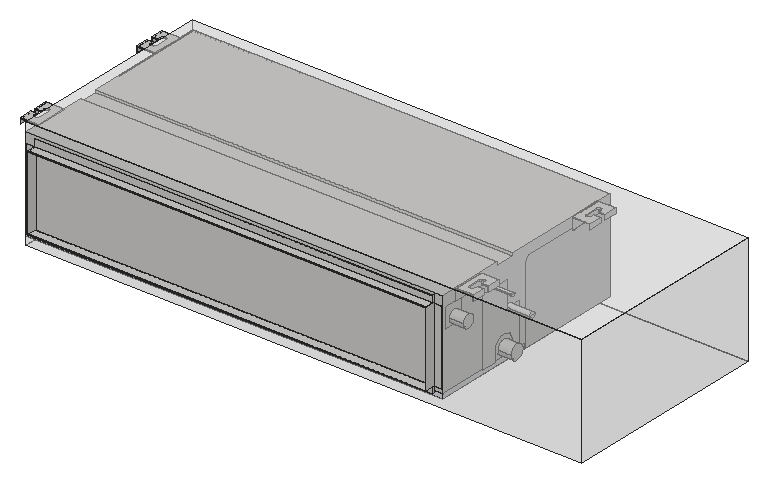
Revit family "outputfile", category 機械設備, Revit 2024
Family settings
  丸型コネクタ寸法 = 半径を使用
  パーツ タイプ = 標準
  OmniClass 番号 = 23.75.10.24.21.27.27
  OmniClass タイトル = Split System Air Conditioning Units
  作業面ベース = いいえ
  常に垂直 = はい
  ロード時にボイドで切り取り = いいえ
  注釈の向きを維持 = いいえ
  共有 = いいえ
  部屋計算ポイント = はい
Parameters (values of type "FXDQ50SPV1")
  Description = ""
  製造元 = "Daikin"
  書き出し IFC クラス(タイプ) = "IfcUnitaryEquipmentType"
  定義済み IFC タイプ(タイプ) = "AIRCONDITIONINGUNIT"
  Cost = 0
  モデル = "FXDQ50SPV1"
  Type Comments = ""
  Keynote = ""
  Type Image = (empty or 0)
  Assembly Code = ""
  w_pipe = 33.0 mm
  r_Liquid Pipe Size = Liquid Pipe Size / 2  # 3.2 mm
  r_Gas Pipe Size = Gas Pipe Size / 2  # 6.35 mm
  r_Drain Pipe Size = Drain Pipe Size / 2  # 10.0 mm
  lw_powersupply = 404.0 mm
  lw_ductflange2 = 830.0 mm
  lw_clearancespace = 1200.0 mm
  lw_Width = 860.0 mm
  lh_suctionflange [instance] = if(Rear Connection_Return Air, 100.0 mm, 190.0 mm)  # 100.0 mm
  lh_liquidpipe = 154.5 mm
  ld_suctionflange [instance] = if(Rear Connection_Return Air, 190.0 mm, 100.0 mm)  # 190.0 mm
  ld_powersupply = 60.0 mm
  angle_vertical_RA [instance] = if(Rear Connection_Return Air, 90.00°, 0.00°)  # 90.00°
  angle horizontal_RA [instance] = if(Rear Connection_Return Air, 180.00°, 270.00°)  # 180.00°
  Voltage_comment_50Hz = "220-240"
  Voltage_50Hz = 230 V
  URL = ""
  Supply Air Direction [instance] = yes
  Sound Power Level_H speed (dB) = 0
  Rear Connection_Return Air [instance] = not(Bottom Connection_Return Air)  # yes
  RA_length = 190.0 mm  # constant formula
  Phase_50Hz = 1
  Minimum External Static Pressure = 20.00 Pa
  Minimum Circuit Amps_50Hz = 1.1 A
  Maximum Fuse Amps_50Hz = 16.0 A
  Maximum External Static Pressure = 50.00 Pa
  Material_Casing = DAIKIN_GalvanizedSteel_Casing_indoorunit
  lw_liquidpipe = 39.2 mm  # constant formula
  lw_gaspipe = 50.6 mm  # constant formula
  lw_mountinghole_pitch = 940.0 mm
  lw_mountinghole = 20.0 mm  # constant formula
  lw_drainpipe = 33.0 mm  # constant formula
  lh_powersupply = 10.0 mm
  lh_gaspipe = 102.0 mm
  lh_mountinghole = Height + [h***]  # 200.0 mm
  lh_drainpipe = 150.0 mm
  lh_antena = 1.0 mm  # constant formula
  ld_liquidpipe = 193.0 mm  # constant formula
  ld_gaspipe = 130.0 mm  # constant formula
  ld_mountinghole_pitch = 0.0 mm  # constant formula
  ld_drainpipe = 280.0 mm
  ld_controlbox = 626.0 mm  # constant formula
  h*** = 0.0 mm  # constant formula
  d_dischargeflange = 21.2 mm  # constant formula
  Width = 900.0 mm
  Version = "ver.1.0"
  Unit Type = "Slim Duct (Standard) Type"
  Unit Mass Weight = 20.00 kg
  Unit Designation [instance] = ""
  Uniclass2015Version = "Products v1.30"
  Uniclass2015Title = "Variable refrigerant flow units"
  Uniclass2015Code = "Pr_70_65_03_94"
  Total Heating Capacity [instance] = 0.000 kW
  Total Cooling Capacity [instance] = 0.000 kW
  Sound Pressure Level_M speed (dBA) = 0
  Sound Pressure Level_L speed (dBA) = 31
  Sound Pressure Level_H speed (dBA) = 35
  Series = "VRV Fan Coil Unit"
  Sensible Cooling Capacity [instance] = 0.000 kW
  SA Duct Size Width = 860.0 mm
  SA Duct Size Height = 160.0 mm
  Refrigerant Type = "R410A"
  RA Duct Size Width = 796.0 mm
  RA Duct Size Height = 172.0 mm
  Power Input (Heating) = 0.152 kW
  Power Input (Cooling) = 0.180 kW
  Option Accessory 3 [instance] = ""
  Option Accessory 2 [instance] = ""
  Option Accessory 1 [instance] = ""
  Nominal Heating Capacity = 6.300 kW
  Nominal Cooling Capacity = 5.600 kW
  Minimum Airflow = 630.00 m³/h
  Median Airflow = 780.00 m³/h
  Maximum Airflow = 900.00 m³/h
  Load Classification = HVAC
  Liquid Pipe Size = 6.4 mm
  Link_Nested Family [instance] = ""
  IfcVersion = "0"
  IfcExportType = "AIRCONDITIONINGUNIT"
  IfcExportAs = "IfcUnitaryEquipmentType"
  Height = 200.0 mm
  Heating Entering Wet Bulb Temperature [instance] = 0.00 °C
  Heating Entering Dry Bulb Temperature [instance] = 0.00 °C
  Heating Ambient Wet Bulb Temperature [instance] = 0.00 °C
  Heating Ambient Dry Bulb Temperature [instance] = 0.00 °C
  Heat Exchanger Type = "Cross Fin Coil"
  Gas Pipe Size = 12.7 mm
  Frequency_50Hz = 50 Hz
  Fan Type = "Sirocco Fan"
  Fan Drive = "Direct Drive"
  FCU Tag No. [instance] = ""
  Drain Pipe Size = 20.0 mm
  Design Supply Airflow [instance] = 0.00 m³/h
  Design Return Airflow [instance] = 0.00 m³/h
  Design External Static Pressure [instance] = 0.00 Pa
  Depth = 450.0 mm
  既定の高さ = 0.0 mm
  Cooling Entering Wet Bulb Temperature [instance] = 0.00 °C
  Cooling Entering Dry Bulb Temperature [instance] = 0.00 °C
  Cooling Ambient Wet Bulb Temperature [instance] = 0.00 °C
  Cooling Ambient Dry Bulb Temperature [instance] = 0.00 °C
  Clearance visibility [instance] = yes
  Clearance Top = 20.0 mm
  Clearance Right = 300.0 mm
  Clearance Rear = 0.0 mm
  Clearance Left = 0.0 mm
  Clearance Front = 0.0 mm
  Clearance Bottom = 20.0 mm
  Bottom Connection_Return Air [instance] = no
Reference planes
  plane 1 "Center (Front/Back)": y = 0
  plane 2: z = 0
  plane 3 "Center (Left/Right)": x = 0
  plane 4 "Back": y = 225
  plane 5 "Front": y = -225
  plane 6 "Left": x = -450
  plane 7 "Right": x = 450
  plane 8 "Top": z = 0
  plane 9 "Bottom": z = -200
  plane 10: x = 330
  plane 11: x = -330
  plane 12: z = -190
  plane 13: z = -6
  plane 14: z = -22
  plane 15: z = -45.5
  plane 16: z = -98
  plane 17: x = -304
  plane 18: x = 304
  plane 19: x = -470
  plane 20: x = 470
  plane 21: y = 165
  plane 22: y = 165
  plane 23: x = -490
  plane 24: x = 390
  plane 25: x = 489.2
  plane 26: x = 500.6
  plane 27: x = 483
  plane 28: z = 0
  plane 29: z = -50
  plane 30 "Clearance Left": x = -450
  plane 31 "Clearance Right": x = 750
  plane 32 "Clearance Rear": y = 225
  plane 33 "Clearance Front": y = -225
  plane 34 "Clearance Top": z = 20
  plane 35 "Clearance Bottom": z = -220
  plane 36: z = -21
  plane 37: z = -170
  plane 38: z = -96.5
  plane 39: y = -46.5
  plane 40: y = -84
  plane 41: y = -197
  plane 42: y = 20
  plane 43: z = -97.5
  plane 44: y = -224
  plane 45: x = -449
  plane 46: z = -100
  plane 47: z = -30
  plane 48: y = 210
  plane 49: z = 301
  plane 50: z = -199
  plane 51: y = 35
  plane 52: z = -101
  plane 53: x = 480
  plane 54: x = 445
  plane 55: x = 455
  plane 56: x = 451
  plane 57: x = 379
  plane 58: x = 449.004
  plane 59: x = -449
  plane 60: x = 404
  plane 61: y = -157.5
  plane 62: y = 157.5
  plane 63: z = -98
  plane 64: z = -45.5
  plane 65: y = -62
  plane 66: y = 224
  plane 67: x = -35
  plane 68: x = 500.6
  plane 69: x = 489.2
Forms (mm)
  Extrusion 1, solid
    sketch origin (0, 0, 0) x (1, 0, 0) y (0, 0, 1)
      loop
        line (-450, -190) -> (-450, -200) -> (450, -200) -> (450, -190) -> (-450, -190)
    from 4.986 to 225
  Extrusion 2, solid, material "DAIKIN_GalvanizedSteel_Casing_indoorunit" <- "Material_Casing"
    sketch origin (0, 0, 0) x (1, 0, 0) y (0, 1, 0)
      loop
        line (-450, -225) -> (450, -225) -> (450, 225) -> (-450, 225) -> (-450, -225)
    from -200 to 0
  Extrusion 3, void
    sketch origin (0, 0, 1) x (1, 0, 0) y (0, 1, 0)
      loop
        line (-450, -36) -> (-450, -78) -> (450, -78) -> (450, -36) -> (-450, -36)
    from -1 to -7
  Revolve 4, solid, material "DAIKIN_GalvanizedSteel_Casing_indoorunit" <- "Material_Casing"
    sketch origin (0, 0, -98) x (0, -1, 0) y (1, 0, 0)
      loop
        line (40.15, 451) -> (46.5, 451) -> (46.5, 500.6) -> (40.15, 500.6) -> (40.15, 451)
      axis (46.5, 451) -> (46.5, 500.6)
    angle from 0 to 360
  Revolve 5, solid, material "DAIKIN_GalvanizedSteel_Casing_indoorunit" <- "Material_Casing"
    sketch origin (0.442, 0, -45.5) x (0, -1, 0) y (1, 0, 0)
      loop
        line (84, 451) -> (84, 488.758) -> (80.8, 488.758) -> (80.8, 451) -> (84, 451)
      axis (84, 488.758) -> (84, 451)
    angle from 0 to 360
  Extrusion 6, solid, material "DAIKIN_GalvanizedSteel_Casing_indoorunit" <- "Material_Casing"
    sketch origin (0, 0, -700) x (0, 1, 0) y (0, 0, 1)
      loop
        circle (-62, 530) r 15
    from 480 to 445
  Extrusion 7, solid, material "DAIKIN_GalvanizedSteel_Casing_indoorunit" <- "Material_Casing"
    sketch origin (0, 0, 0) x (0, 1, 0) y (0, 0, 1)
      loop
        line (-217.5, -66.5) -> (-176.5, -66.5) -> (-176.5, -25.5) -> (-217.5, -25.5) -> (-217.5, -66.5)
    from 450 to 451
  Extrusion 8, solid, material "DAIKIN_GalvanizedSteel_Casing_indoorunit" <- "Material_Casing"
    sketch origin (0, 0, 0) x (0, 1, 0) y (0, 0, 1)
      loop
        circle (-197, -50) r 13
    from 450 to 483
  Extrusion 9, solid, material "DAIKIN_GalvanizedSteel_Casing_indoorunit" <- "Material_Casing"
    sketch origin (0, 0, 0) x (1, 0, 0) y (0, 0, 1)
      loop
        line (-450, -190) -> (-450, -200) -> (450, -200) -> (450, -190) -> (-450, -190)
    from 4.986 to 225
  Extrusion 10, solid, material "DAIKIN_GalvanizedSteel_Casing_indoorunit" <- "Material_Casing", visible <- "Bottom Connection_Return Air"
    sketch origin (0, 0, 0) x (1, 0, 0) y (0, 0, 1)
      loop
        line (379, -200) -> (379, -1) -> (-449, -1) -> (-449, -200) -> (379, -200)
    from -225 to -224
  Extrusion 11, solid, material "DAIKIN_GalvanizedSteel_Casing_indoorunit" <- "Material_Casing", visible <- "Rear Connection_Return Air"
    sketch origin (0, 0, 0) x (1, 0, 0) y (0, 1, 0)
      loop
        line (-449, 225) -> (-449, 26) -> (379, 26) -> (379, 225) -> (-449, 225)
    from -200 to -199
  Extrusion 12, solid, material "DAIKIN_GalvanizedSteel_Casing_indoorunit" <- "Material_Casing"
    sketch origin (0, 0, 0) x (0, 1, 0) y (0, 0, 1)
      loop
        line (-1, -199) -> (225, -199) -> (225, -22) -> (193.393, -22) -> (192.179, -26.532) -> (123.882, -26.532) -> (121.769, -22) -> (6.769, -22) -> (-1, -29.769) -> (-1, -199)
    from 451 to 450
  Extrusion 13, solid, material "DAIKIN_GalvanizedSteel_Casing_indoorunit" <- "Material_Casing"
    sketch origin (0, 0, 0) x (0, 1, 0) y (0, 0, 1)
      loop
        line (-117, -45.5) -> (-117, -190) -> (-22, -190) -> (-22, -98) -> (-40.15, -98)
        arc (-40.15, -98) -> (-46.5, -104.35) -> (-52.85, -98) r 6.35
        line (-52.85, -98) -> (-52.85, -45.5) -> (-80.8, -45.5)
        arc (-80.8, -45.5) -> (-84, -48.7) -> (-87.2, -45.5) r 3.2
        line (-87.2, -45.5) -> (-117, -45.5)
    from 451 to 450
  Extrusion 14, void
    sketch origin (0, 0, 0) x (0, 1, 0) y (0, 0, 1)
      loop
        line (-87, -190) -> (-37, -190) -> (-37, -170)
        arc (-37, -170) -> (-62, -145) -> (-87, -170) r 25
        line (-87, -170) -> (-87, -190)
    from 450 to 451
  Extrusion 15, void
    sketch origin (0, 0, 0) x (1, 0, 0) y (0, 0, 1)
      loop
        line (-449, -1) -> (-449, -209.43) -> (379, -209.43) -> (379, -1) -> (-449, -1)
    from -225 to -26
Cuts and joins
  Extrusion 3, Extrusion 14, Extrusion 15 cuts Extrusion 2
  Extrusion 14, Extrusion 15 cuts Extrusion 9
  Extrusion 14 cuts Extrusion 13
Dimensions and locks
  "lh_powersupply": plane 12 to plane 9 "Bottom"
  locked: plane 8 "Top" to plane 13 at 6
  "Height": plane 8 "Top" to plane 9 "Bottom"
  equal spacing: plane 17, plane 3 "Center (Left/Right)", plane 18, locked at 304 each
  locked: plane 17 to plane 18 at 608
  equal spacing: plane 19, plane 3 "Center (Left/Right)", plane 20
  "lw_mountinghole_pitch": plane 19 to plane 20
  locked: plane 14 to plane 9 "Bottom" at 178
  "lw_mountinghole": plane 23 to plane 19
  locked: plane 15 to plane 9 "Bottom" at 154.5
  "lh_gaspipe": plane 16 to plane 9 "Bottom"
  "lh_mountinghole": plane 28 to plane 9 "Bottom"
  "ld_mountinghole_pitch": plane 22 to plane 21
  equal spacing: plane 6 "Left", plane 3 "Center (Left/Right)", plane 7 "Right"
  "Width": plane 6 "Left" to plane 7 "Right"
  "lh_drainpipe": plane 29 to plane 9 "Bottom"
  "Clearance Right": plane 7 "Right" to plane 31 "Clearance Right"
  "Clearance Left": plane 30 "Clearance Left" to plane 6 "Left"
  "lw_gaspipe": plane 7 "Right" to plane 26
  "lw_liquidpipe": plane 7 "Right" to plane 25
  "lw_drainpipe": plane 7 "Right" to plane 27
  "Clearance Rear": plane 32 "Clearance Rear" to plane 4 "Back"
  "Clearance Front": plane 5 "Front" to plane 33 "Clearance Front"
  "Clearance Top": plane 34 "Clearance Top" to plane 8 "Top"
  "Clearance Bottom": plane 9 "Bottom" to plane 35 "Clearance Bottom"
  "ld_powersupply": plane 4 "Back" to plane 22
  locked: plane 8 "Top" to plane 36 at 21
  locked: plane 8 "Top" to plane 37 at 170
  locked: plane 40 to plane 39 at 37.5
  locked: plane 38 to plane 9 "Bottom" at 103.5
  locked: plane 36 to plane 43 at 76.5
  "Depth": plane 4 "Back" to plane 5 "Front"
  equal spacing: plane 4 "Back", plane 1 "Center (Front/Back)", plane 5 "Front"
  locked: plane 44 to plane 5 "Front" at 1
  locked: plane 45 to plane 6 "Left" at 1
  Extrusion 10 sketch curve to Extrusion 10 sketch curve = 199.0 mm
  locked: plane 12 to plane 46 at 90
  plane 32 "Clearance Rear" to Extrusion 10 = 1.0 mm
  locked: plane 47 to plane 35 "Clearance Bottom" at 190
  plane 48 to nested 12 = 1.0 mm
  plane 49 to plane 28 = 301.0 mm
  locked: plane 50 to plane 9 "Bottom" at 1
  "ld_suctionflange": plane 4 "Back" to plane 51
  locked: plane 52 to plane 9 "Bottom" at 99
  locked: plane 7 "Right" to plane 53 at 30
  locked: plane 54 to plane 7 "Right" at 5
  locked: plane 7 "Right" to plane 55 at 5
  locked: plane 7 "Right" to plane 56 at 1
  locked: plane 7 "Right" to plane 57 at 71
  locked: plane 7 "Right" to plane 58 at 0.996
  locked: plane 59 to plane 6 "Left" at 1
  "lw_powersupply": plane 3 "Center (Left/Right)" to plane 60
  "r_Gas Pipe Size": nested 6 to Revolve 4 sketch curve
  "r_Liquid Pipe Size": nested 5 to Revolve 5 sketch curve
  locked: plane 61 to plane 33 "Clearance Front" at 67.5
  locked: plane 62 to plane 61 at 315
  locked: plane 33 "Clearance Front" to plane 41 at 28
  plane 33 "Clearance Front" to plane 40 = 141.0 mm
  locked: Extrusion 7 sketch curve to Extrusion 7 sketch curve at 41  (x2)
  locked: plane 8 "Top" to plane 64 at 45.5
  plane 64 to plane 63 = 52.5 mm
  locked: plane 33 "Clearance Front" to plane 65 at 163
  plane 33 "Clearance Front" to cut or joined group of Extrusion 2, Extrusion 3, Extrusion 14, Extrusion 15 = 147.0 mm
  nested 12 to plane 67 = 398.0 mm
  "ld_suctionflange": plane 4 "Back" to nested 14
  locked: plane 7 "Right" to plane 68 at 50.6
  locked: plane 7 "Right" to plane 69 at 39.2
  nested 14 to plane 9 "Bottom" = 100.0 mm
  aligned and locked: level to plane 2
  aligned and locked: Extrusion 2 to plane 9 "Bottom"
  aligned and locked: plane 8 "Top" to Extrusion 2
  aligned and locked: Revolve 4 sketch curve to Revolve 4 sketch curve
  aligned and locked: Extrusion 8 to plane 27
  aligned and locked: plane 20 to nested 2
  aligned and locked: plane 19 to nested 3
  aligned and locked: plane 19 to nested 4
  aligned and locked: nested 7 to plane 29
  aligned and locked: Extrusion 8 to nested 7
  aligned and locked: nested 7 to plane 27
  aligned and locked: nested 10 to plane 12
  aligned and locked: Extrusion 9 to plane 5 "Front"
  aligned and locked: Extrusion 9 to plane 9 "Bottom"
  aligned and locked: nested 6 to plane 16
  aligned and locked: nested 8 to plane 44
  aligned and locked: plane 39 to nested 6
  aligned and locked: plane 41 to nested 7
  aligned and locked: Extrusion 11 to nested 12
  aligned and locked: plane 8 "Top" to Extrusion 3
  aligned and locked: plane 9 "Bottom" to Extrusion 11  (x2)
  aligned and locked: Extrusion 11 to plane 50
  aligned and locked: plane 4 "Back" to nested 11
  aligned and locked: plane 32 "Clearance Rear" to nested 13  (x2)
  aligned and locked: nested 13 to plane 33 "Clearance Front"
  aligned and locked: nested 13 to plane 34 "Clearance Top"  (x2)
  aligned and locked: nested 13 to plane 35 "Clearance Bottom"  (x2)
  aligned and locked: plane 4 "Back" to Extrusion 12
  aligned and locked: Extrusion 12 to plane 50
  aligned and locked: plane 7 "Right" to Extrusion 12  (x2)
  aligned and locked: Extrusion 3 to plane 13
  aligned and locked: plane 52 to nested 8
  aligned and locked: plane 7 "Right" to cut or joined group of Extrusion 2, Extrusion 3, Extrusion 14, Extrusion 15
  aligned and locked: Extrusion 6 to plane 54
  aligned and locked: Extrusion 6 to plane 53
  aligned and locked: Extrusion 12 to plane 56
  aligned and locked: Extrusion 7 to plane 56
  aligned and locked: Extrusion 7 to plane 7 "Right"
  aligned and locked: Extrusion 8 to plane 7 "Right"
  aligned and locked: plane 3 "Center (Left/Right)" to nested 15
  aligned and locked: plane 13 to nested 15
  aligned and locked: nested 10 to plane 60
  aligned and locked: plane 20 to nested 1
  aligned and locked: plane 33 "Clearance Front" to nested 15
  aligned and locked: plane 4 "Back" to nested 10
  aligned and locked: Extrusion 2 to plane 5 "Front"
  aligned and locked: plane 3 "Center (Left/Right)" to nested 9
  aligned and locked: nested 9 to plane 1 "Center (Front/Back)"
  aligned and locked: plane 61 to nested 16
  aligned and locked: plane 62 to nested 17
  aligned and locked: nested 19 to plane 61
  aligned and locked: nested 19 to plane 6 "Left"
  aligned and locked: nested 18 to plane 62
  aligned and locked: nested 18 to plane 6 "Left"
  aligned and locked: plane 8 "Top" to nested 19
  aligned and locked: plane 8 "Top" to nested 18
  aligned and locked: plane 8 "Top" to nested 16
  aligned and locked: plane 8 "Top" to nested 17
  aligned and locked: plane 64 to Revolve 5
  aligned and locked: plane 63 to Revolve 4
  aligned and locked: plane 7 "Right" to Extrusion 13
  aligned and locked: plane 56 to Extrusion 13
  aligned and locked: plane 64 to Extrusion 13  (x2)
  aligned and locked: plane 63 to Extrusion 13
  aligned and locked: Extrusion 13 to plane 12
  aligned and locked: plane 56 to cut or joined group of Extrusion 2, Extrusion 3, Extrusion 14, Extrusion 15
  aligned and locked: cut or joined group of Extrusion 2, Extrusion 3, Extrusion 14, Extrusion 15 to plane 7 "Right"
  aligned and locked: Extrusion 6 sketch curve to plane 65
  aligned and locked: plane 37 to Extrusion 6
  aligned and locked: nested 12 to plane 59
  aligned and locked: plane 4 "Back" to Extrusion 15
  aligned and locked: nested 11 to plane 59
  aligned and locked: Extrusion 11 to plane 57
  aligned and locked: Extrusion 10 to plane 59
  aligned and locked: Extrusion 10 to plane 57
  aligned and locked: plane 67 to nested 14
  aligned and locked: nested 11 to plane 50
  aligned and locked: plane 40 to nested 5
  aligned and locked: nested 5 to plane 64
  aligned and locked: plane 31 "Clearance Right" to nested 13
  aligned and locked: plane 7 "Right" to nested 16
  aligned and locked: plane 7 "Right" to nested 17
  aligned and locked: nested 1 to plane 62
  aligned and locked: nested 2 to plane 61
  aligned and locked: nested 3 to plane 61
  aligned and locked: nested 4 to plane 62
  aligned and locked: Revolve 4 to plane 68
  aligned and locked: plane 68 to nested 6
  aligned and locked: Revolve 5 to plane 69
  aligned and locked: plane 69 to nested 5
  aligned and locked: level to plane 8 "Top"
  aligned and locked: plane 16 to plane 63
Automatic sketch dimensions
  Extrusion 1 sketch curve to plane 6 "Left" = 0.0 mm
  Extrusion 1 sketch curve to plane 7 "Right" = 0.0 mm
  Extrusion 1 sketch curve to plane 9 "Bottom" = 0.0 mm
  Extrusion 1 sketch curve to plane 12 = 0.0 mm
  Extrusion 2 sketch curve to plane 4 "Back" = 0.0 mm
  Extrusion 2 sketch curve to plane 6 "Left" = 0.0 mm
  Extrusion 2 sketch curve to plane 7 "Right" = 0.0 mm
  Extrusion 2 sketch curve to plane 44 = 1.0 mm
  Extrusion 3 sketch curve to plane 6 "Left" = 0.0 mm
  Extrusion 3 sketch curve to plane 7 "Right" = 0.0 mm
  plane 1 "Center (Front/Back)" to Extrusion 3 sketch curve = 78.0 mm
  Extrusion 3 sketch curve to plane 42 = 56.0 mm
  Extrusion 6 sketch curve to plane 37 = 0.0 mm
  Extrusion 8 sketch curve to plane 41 = 0.0 mm
  Extrusion 9 sketch curve to plane 6 "Left" = 0.0 mm
  Extrusion 9 sketch curve to plane 7 "Right" = 0.0 mm
  Extrusion 9 sketch curve to plane 9 "Bottom" = 0.0 mm
  Extrusion 9 sketch curve to plane 12 = 0.0 mm
  Extrusion 11 sketch curve to plane 45 = 0.0 mm
  Extrusion 11 sketch curve to plane 4 "Back" = 0.0 mm
  plane 18 to Extrusion 11 sketch curve = 75.0 mm
  plane 42 to Extrusion 11 sketch curve = 6.0 mm
  Revolve 4 sketch curve to plane 26 = 0.0 mm
  Revolve 4 sketch curve to plane 39 = 0.0 mm
  Revolve 4 sketch curve to Revolve 4 sketch curve = 1.003 mm
  plane 26 to Revolve 4 sketch curve = 1.003 mm
  plane 15 to Extrusion 7 sketch curve = 20.0 mm
  plane 44 to Extrusion 7 sketch curve = 6.5 mm
  Extrusion 8 sketch curve to plane 29 = 0.0 mm
  Revolve 4 sketch curve to plane 56 = 0.0 mm
  Extrusion 13 sketch curve to plane 64 = 0.0 mm
  Extrusion 13 sketch curve to plane 12 = 0.0 mm
  Extrusion 13 sketch curve to plane 40 = 0.0 mm
  Extrusion 13 sketch curve to plane 63 = 0.0 mm
  Extrusion 13 sketch curve to plane 39 = 0.0 mm
  Extrusion 13 sketch curve to Extrusion 13 sketch curve = 3.2 mm
  Extrusion 13 sketch curve to Extrusion 13 sketch curve = 29.8 mm
  Extrusion 13 sketch curve to plane 39 = 6.35 mm
  Extrusion 13 sketch curve to Extrusion 13 sketch curve = 18.15 mm
  Extrusion 14 sketch curve to plane 12 = 0.0 mm
  Extrusion 14 sketch curve to plane 37 = 0.0 mm
  Extrusion 14 sketch curve to plane 65 = 0.0 mm
  Extrusion 14 sketch curve to plane 40 = 3.0 mm
  plane 45 to Extrusion 10 sketch curve = 0.0 mm
  Extrusion 10 sketch curve to plane 50 = 1.0 mm
  plane 45 to Extrusion 15 sketch curve = 0.0 mm
  plane 57 to Extrusion 15 sketch curve = 0.0 mm
  Extrusion 15 sketch curve to plane 9 "Bottom" = 9.43 mm
  Extrusion 15 sketch curve to plane 8 "Top" = 1.0 mm
  plane 57 to Extrusion 10 sketch curve = 0.0 mm
  Extrusion 12 sketch curve to plane 50 = 0.0 mm
  Extrusion 12 sketch curve to plane 14 = 0.0 mm  (x2)
  Extrusion 12 sketch curve to plane 4 "Back" = 0.0 mm
  plane 47 to Extrusion 12 sketch curve = 3.468 mm
  Extrusion 12 sketch curve to plane 48 = 17.821 mm
  Extrusion 12 sketch curve to plane 62 = 33.618 mm
  Extrusion 12 sketch curve to Extrusion 12 sketch curve = 2.113 mm
  Extrusion 12 sketch curve to plane 1 "Center (Front/Back)" = 6.769 mm
  plane 1 "Center (Front/Back)" to Extrusion 12 sketch curve = 1.0 mm
  plane 47 to Extrusion 12 sketch curve = 0.231 mm
  Extrusion 12 sketch curve to Extrusion 12 sketch curve = 1.214 mm
  Revolve 5 sketch curve to plane 40 = 0.0 mm  (x2)
  plane 25 to Revolve 5 sketch curve = 0.442 mm
  plane 56 to Revolve 5 sketch curve = 0.442 mm  (x2)
  Revolve 5 sketch curve to plane 25 = 0.0 mm
  radius of Extrusion 6 sketch curve = 15.0 mm
  radius of Extrusion 8 sketch curve = 13.0 mm
Nested families
  nested 1: "daikin_mountinghole" at (470, 157.5, -200), l_antenna <- "lh_antena", Link_Nested Family <- "Link_Nested Family", h_mountinghole <- "lh_mountinghole", type "daikin_mountinghole"
    with show yes, l_antenna 1.0 mm, h_mountinghole 200.0 mm, Link_Nested Family ""
  nested 2: "daikin_mountinghole" at (470, -157.5, -200), Link_Nested Family <- "Link_Nested Family", l_antenna <- "lh_antena", h_mountinghole <- "lh_mountinghole", type "daikin_mountinghole"
    with show yes, l_antenna 1.0 mm, h_mountinghole 200.0 mm, Link_Nested Family ""
  nested 3: "daikin_mountinghole" at (-470, -157.5, -200), l_antenna <- "lh_antena", Link_Nested Family <- "Link_Nested Family", h_mountinghole <- "lh_mountinghole", type "daikin_mountinghole"
    with show yes, l_antenna 1.0 mm, h_mountinghole 200.0 mm, Link_Nested Family ""
  nested 4: "daikin_mountinghole" at (-470, 157.5, -200), l_antenna <- "lh_antena", Link_Nested Family <- "Link_Nested Family", h_mountinghole <- "lh_mountinghole", type "daikin_mountinghole"
    with show yes, l_antenna 1.0 mm, h_mountinghole 200.0 mm, Link_Nested Family ""
  nested 5: "daikin_connector_rotate2" at (450, -84, -45.5) x (0, 1, 0) z (0, 0, 1), length <- "lw_liquidpipe", radius <- "r_Liquid Pipe Size", built-in parameter 1001364 <- "lh_liquidpipe", type "daikin_connector_rotate2"
    with radius 3.2 mm, length 39.2 mm, angle_vertical 90.00°, show_face no
  nested 6: "daikin_connector_rotate2" at (450, -46.5, -98) x (0, 1, 0) z (0, 0, 1), length <- "lw_gaspipe", built-in parameter 1001364 <- "lh_gaspipe", radius <- "r_Gas Pipe Size", type "daikin_connector_rotate2"
    with radius 6.35 mm, length 50.6 mm, angle_vertical 90.00°, show_face no
  nested 7: "daikin_connector_rotate2" at (450, -197, -50) x (0, 1, 0) z (0, 0, 1), built-in parameter 1001364 <- "lh_drainpipe", length <- "lw_drainpipe", radius <- "r_Drain Pipe Size", type "daikin_connector_rotate2"
    with radius 10.0 mm, length 33.0 mm, angle_vertical 90.00°, show_face no
  nested 8: "daikin_connector_rotate2" at (0, -224, -101), length <- "d_dischargeflange", type "daikin_connector_rotate2"
    with radius 10.0 mm, length 21.2 mm, angle_vertical 90.00°, show_face no
  nested 9: "daikin_△_symbolicline" at (-50, -86.603, 200) x (-0.5, 0.866, 0) z (0, 0, 1), built-in parameter 1001364 <- "Height", visible <- "Supply Air Direction", type "daikin_△_symbolicline"
    with length 200.0 mm
  nested 10: "daikin_connector_rotate2" at (404, 165, -190) x (-1, 0, 0) z (0, 0, 1), built-in parameter 1001364 <- "lw_powersupply", length <- "ld_powersupply", type "daikin_connector_rotate2"
    with radius 10.0 mm, length 60.0 mm, angle_vertical 90.00°, show_face no
  nested 11: "daikin_ductflange_FXDQ-SPV1_2" at (-35, 225, -100), visible <- "Rear Connection_Return Air", material <- "Material_Casing", width <- "lw_ductflange2", type "daikin_ductflange_FXDQ-SPV1_2"
    with width 830.0 mm, material DAIKIN_GalvanizedSteel_Casing_indoorunit, height 180.0 mm, depth 21.2 mm
  nested 12: "daikin_ductflange_FXDQ-SPV1_2" at (-35, 125, -200) x (1, 0, 0) z (0, 1, 0), visible <- "Bottom Connection_Return Air", material <- "Material_Casing", width <- "lw_ductflange2", type "daikin_ductflange_FXDQ-SPV1_2"
    with width 830.0 mm, material DAIKIN_GalvanizedSteel_Casing_indoorunit, height 180.0 mm, depth 21.2 mm
  nested 13: "daikin_clearancespace" at (150, 0, -99.881), visible <- "Clearance visibility", show <- "Clearance visibility", width <- "lw_clearancespace", Link_Nested Family <- "Link_Nested Family", type "daikin_clearancespace"
    with width 1200.0 mm, show yes, height 240.0 mm, depth 450.0 mm, Link_Nested Family ""
  nested 14: "daikin_connector_rotate3" at (-35, 35, -100), built-in parameter 1001364 <- "lh_suctionflange", angle_vertical <- "angle_vertical_RA", angle_horizontal <- "angle horizontal_RA", length <- "RA_length", type "daikin_connector_rotate3"
    with show no, radius 10.0 mm, length 190.0 mm, angle_vertical 90.00°, angle_horizontal 180.00°
  nested 15: "daikin_ductflange_FXDQ-SPV1_1" at (0, 88.5, -371.201), width <- "lw_Width", material <- "Material_Casing", type "daikin_ductflange_FXDQ-SPV1_1"
    with width 860.0 mm, material DAIKIN_GalvanizedSteel_Casing_indoorunit, height 162.0 mm, depth 21.2 mm
  nested 16: "daikin_hangerfixture_FXDQ-SPV1" at (450, -157.5, 0) x (0, 1, 0) z (0, 0, 1), type "daikin_hangerfixture_FXDQ-SPV1"
  nested 17: "daikin_hangerfixture_FXDQ-SPV1" at (450, 157.5, 0) x (0, 1, 0) z (0, 0, 1), type "daikin_hangerfixture_FXDQ-SPV1"
  nested 18: "daikin_hangerfixture_FXDQ-SPV1" at (-450, 157.5, 0) x (0, -1, 0) z (0, 0, 1), type "daikin_hangerfixture_FXDQ-SPV1"
  nested 19: "daikin_hangerfixture_FXDQ-SPV1" at (-450, -157.5, 0) x (0, -1, 0) z (0, 0, 1), type "daikin_hangerfixture_FXDQ-SPV1"
Connectors
  piping at (500.6, -46.5, -98), diameter 12.7, driven by "r_Gas Pipe Size"
    settings: on nested 6, index 1, connector inside diameter 609.6 mm, connector length 0.0 mm, flow factor 0, pipe flow 0.00 m³/h, pressure drop 0.0 Pa, fitting loss kfactor 0, connector angle 0.00°, fixture units 0, engagement length 0.0 mm, angle of deflection 0.00°, flow configuration 1, flow direction 2, fitting loss method 0, system type 29, joint type 0, gender type 0, connector reference index -1, connector utility 0, adjustable connector no, is connector primary yes, connector description "Refrigerant Gas Piping"
  piping at (489.2, -84, -45.5), diameter 6.4, driven by "r_Liquid Pipe Size"
    settings: on nested 5, index 2, connector inside diameter 609.6 mm, connector length 0.0 mm, flow factor 0, pipe flow 0.00 m³/h, pressure drop 0.0 Pa, fitting loss kfactor 0, connector angle 0.00°, fixture units 0, engagement length 0.0 mm, angle of deflection 0.00°, flow configuration 1, flow direction 1, fitting loss method 0, system type 29, joint type 0, gender type 0, connector reference index -1, connector utility 0, adjustable connector no, is connector primary no, connector description "Refrigerant Liquid Piping"
  piping at (483, -197, -50), diameter 20, driven by "r_Drain Pipe Size"
    settings: on nested 7, index 3, connector inside diameter 609.6 mm, connector length 0.0 mm, flow factor 0, pipe flow 0.00 m³/h, pressure drop 0.0 Pa, fitting loss kfactor 0, connector angle 0.00°, fixture units 0, engagement length 0.0 mm, angle of deflection 0.00°, flow configuration 1, flow direction 2, fitting loss method 4, system type 16, joint type 0, gender type 0, connector reference index -1, connector utility 0, adjustable connector no, is connector primary no, connector description "Condensate Drain Piping"
  hvac at (0, -245.2, -101), driven by "SA Duct Size Height", driven by "SA Duct Size Width"
    settings: on nested 8, index 7, duct flow 0.00 m³/h, flow factor 0, pres drop 0.00 Pa, loss coef 0, conn angle 0.00°, conn width 860.0 mm, conn height 160.0 mm, conn diameter 609.6 mm, duct sys type 1, conn prof type 1, flow config 0, flow direction 2, loss method 4, conn ref index -1, conn util no, is conn primary yes, conn desc "SA Duct"
  electrical at (404, 225, -190), driven by "Load Classification"
    settings: on nested 10, index 9, voltage 0 V, apparent load 0 VA, apparent load phase1 0 VA, apparent load phase2 0 VA, apparent load phase3 0 VA, power factor 1, load classification "HVAC", number of poles 1, system type 30, power factor state 1, is connector primary yes, connector utility no, sub classification motor no, connector description "Power Supply"
  hvac at (-35, 225, -100), driven by "RA Duct Size Height", driven by "RA Duct Size Width"
    settings: on nested 14, index 10, duct flow 0.00 m³/h, flow factor 0, pres drop 0.00 Pa, loss coef 0, conn angle 0.00°, conn width 796.0 mm, conn height 172.0 mm, conn diameter 609.6 mm, duct sys type 2, conn prof type 1, flow config 0, flow direction 1, loss method 4, conn ref index -1, conn util no, is conn primary no, conn desc "RA Duct"
Definition of nested family "daikin_ductflange_FXDQ-SPV1_2"
  Parameters (values of type "daikin_ductflange_FXDQ-PDVE2")
    width [instance] = 630.0 mm
    material [instance] = none
    height [instance] = 186.0 mm
    depth [instance] = 21.2 mm
    Default Elevation = 0.0 mm
  Reference planes
    plane 1 "Center (Front/Back)": y = 0
    plane 2: z = 0
    plane 3 "Center (Left/Right)": x = 0
    plane 4: y = -313.5
    plane 5: y = -334.7
    plane 6: x = -315
    plane 7: x = 315
    plane 8: z = 86
    plane 9: z = -86
    plane 10: z = 100
    plane 11: z = -100
    plane 12: x = -314
    plane 13: x = 314
  Forms (mm)
    Extrusion 1, solid, material <- "material"
      sketch origin (0, 0, 0) x (1, 0, 0) y (0, 0, 1)
        loop
          line (-298, 86) -> (-298, -86) -> (298, -86) -> (298, 86) -> (-298, 86)
        loop
          line (-314, -99) -> (314, -99) -> (314, 99) -> (-314, 99) -> (-314, -99)
      from 0 to 1
  Dimensions and locks
    plane 4 to plane 1 "Center (Front/Back)" = 313.5 mm
    "depth": plane 5 to plane 4
    equal spacing: plane 7, plane 3 "Center (Left/Right)", plane 6
    "width": plane 7 to plane 6
    equal spacing: plane 10, level, plane 11, locked at 100 each
    locked: plane 10 to plane 11 at 200
    plane 12 to plane 6 = 1.0 mm
    locked: plane 7 to plane 13 at 1
    plane 10 to Extrusion 1 sketch curve = 1.0 mm
    Extrusion 1 sketch curve to plane 11 = 1.0 mm
    locked: Extrusion 1 sketch curve to Extrusion 1 sketch curve at 13  (x2)
    locked: Extrusion 1 sketch curve to Extrusion 1 sketch curve at 16  (x2)
    locked: plane 10 to plane 8 at 14
    locked: plane 9 to plane 11 at 14
    plane 8 to plane 2 to plane 9 = 86.0 mm, 86.0 mm
    plane 8 to plane 9 = 172.0 mm
    aligned and locked: level to plane 2
  Automatic sketch dimensions
    plane 6 to Extrusion 1 sketch curve = 1.0 mm
    Extrusion 1 sketch curve to plane 7 = 1.0 mm
Definition of nested family "daikin_clearancespace"
  Parameters (values of type "daikin_clearancespace")
    width [instance] = 1823.963 mm
    show [instance] = yes
    material = none
    height [instance] = 1359.762 mm
    depth [instance] = 880.0 mm
    Default Elevation = 0.0 mm
    Link_Nested Family [instance] = ""
  Reference planes
    plane 1 "Center (Front/Back)": y = 0
    plane 2 "Center (Elevation)": z = -0.119
    plane 3 "Center (Left/Right)": x = 0
    plane 4: y = 440
    plane 5: y = -440
    plane 6 "Right": x = 911.982
    plane 7 "Left": x = -911.982
    plane 8 "Top": z = 679.762
    plane 9 "Bottom": z = -680
  Forms (mm)
    Extrusion 1, solid, material <- "material", visible <- "show"
      sketch origin (0, 0, 0) x (1, 0, 0) y (0, 1, 0)
        loop
          line (-911.982, 440) -> (-911.982, -440) -> (911.982, -440) -> (911.982, 440) -> (-911.982, 440)
      from -680 to 679.762
  Lines and regions (mm)
    symbolic lines, visible <- "show"
      curve 1: line (911.982, 440, 0) -> (-911.982, 440, 0)
      curve 2: line (-911.982, 440, 0) -> (-911.982, -440, 0)
      curve 3: line (-911.982, -440, 0) -> (911.982, -440, 0)
      curve 4: line (911.982, -440, 0) -> (911.982, 440, 0)
      curve 5: line (911.982, 0, 679.762) -> (-911.982, 0, 679.762)
      curve 6: line (911.982, 0, -680) -> (911.982, 0, 679.762)
      curve 7: line (-911.982, 0, -680) -> (911.982, 0, -680)
      curve 8: line (-911.982, 0, 679.762) -> (-911.982, 0, -680)
      curve 9: line (0, 440, 679.762) -> (0, -440, 679.762)
      curve 10: line (0, -440, 679.762) -> (0, -440, -680)
      curve 11: line (0, 440, -680) -> (0, 440, 679.762)
      curve 12: line (0, -440, -680) -> (0, 440, -680)
  Dimensions and locks
    "width": plane 7 "Left" to plane 6 "Right"
    "depth": plane 4 to plane 5
    "height": plane 8 "Top" to plane 9 "Bottom"
    equal spacing: plane 7 "Left", plane 3 "Center (Left/Right)", plane 6 "Right"
    equal spacing: plane 4, plane 1 "Center (Front/Back)", plane 5
    equal spacing: plane 8 "Top", plane 2 "Center (Elevation)", plane 9 "Bottom"
    aligned and locked: level to plane 2 "Center (Elevation)"
    aligned and locked: Extrusion 1 sketch curve to plane 4
    aligned and locked: plane 7 "Left" to Extrusion 1 sketch curve
    aligned and locked: Extrusion 1 sketch curve to plane 5
    aligned and locked: Extrusion 1 sketch curve to plane 6 "Right"
    aligned and locked: plane 8 "Top" to Extrusion 1
    aligned and locked: curve 1 to Extrusion 1
    aligned and locked: curve 2 to Extrusion 1
    aligned and locked: curve 3 to Extrusion 1
    aligned and locked: curve 4 to Extrusion 1
    aligned and locked: curve 5 to Extrusion 1
    aligned and locked: curve 6 to Extrusion 1
    aligned and locked: curve 7 to Extrusion 1
    aligned and locked: curve 8 to Extrusion 1
    aligned and locked: curve 9 to Extrusion 1
    aligned and locked: curve 10 to Extrusion 1
    aligned and locked: curve 11 to Extrusion 1
    aligned and locked: curve 12 to Extrusion 1
    aligned and locked: Extrusion 1 to plane 9 "Bottom"
Definition of nested family "daikin_ductflange_FXDQ-SPV1_1"
  Parameters (values of type "daikin_ductflange_FXDQ-PDVE")
    width [instance] = 862.0 mm
    material [instance] = none
    height [instance] = 162.0 mm
    depth [instance] = 21.2 mm
    Default Elevation = 0.0 mm
  Reference planes
    plane 1 "Center (Front/Back)": y = 0
    plane 2: z = 189.201
    plane 3 "Center (Left/Right)": x = 0
    plane 4: y = -313.5
    plane 5: x = -431
    plane 6: x = 431
    plane 7: y = -334.7
    plane 8: z = 351.201
    plane 9: z = 270.201
    plane 10: z = 350.201
    plane 11: z = 190.201
  Forms (mm)
    Extrusion 1, solid, material <- "material"
      sketch origin (0, 0, 189.201) x (1, 0, 0) y (0, 1, 0)
        loop
          line (-431, -334.7) -> (-431, -313.5) -> (-449, -313.5) -> (-449, -314.5) -> (-432, -314.5) -> (-432, -334.7) -> (-431, -334.7)
        loop
          line (431, -334.7) -> (432, -334.7) -> (432, -314.5) -> (449, -314.5) -> (449, -313.5) -> (431, -313.5) -> (431, -334.7)
      from 1 to 161
    Extrusion 2, solid, material <- "material"
      sketch origin (0, 0, 0) x (0, 1, 0) y (0, 0, 1)
        loop
          line (-313.5, 350.201) -> (-313.5, 365.201) -> (-314.5, 365.201) -> (-314.5, 351.201) -> (-334.7, 351.201) -> (-334.7, 350.201) -> (-313.5, 350.201)
        loop
          line (-313.5, 190.201) -> (-334.7, 190.201) -> (-334.7, 189.201) -> (-314.5, 189.201) -> (-314.5, 175.201) -> (-313.5, 175.201) -> (-313.5, 190.201)
      from -431 to 431
  Dimensions and locks
    plane 4 to plane 1 "Center (Front/Back)" = 313.5 mm
    "depth": plane 7 to plane 4
    equal spacing: plane 8, plane 9, level, locked at 81 each
    "height": plane 8 to level
    equal spacing: plane 6, plane 3 "Center (Left/Right)", plane 5
    "width": plane 6 to plane 5
    plane 5 to plane 6 = 862.0 mm
    locked: plane 8 to plane 10 at 1
    locked: plane 11 to level at 1
    locked: Extrusion 1 to Extrusion 2 sketch curve at 1
    locked: Extrusion 2 sketch curve to Extrusion 1 at 1
    locked: Extrusion 1 sketch curve to Extrusion 1 sketch curve at 1
    locked: Extrusion 1 sketch curve to plane 5 at 18
    locked: Extrusion 1 to plane 5 at 18
    locked: plane 6 to Extrusion 1 at 18
    locked: plane 5 to Extrusion 1 at 18
    locked: Extrusion 1 to plane 6 at 18
    aligned and locked: level to plane 2
    aligned and locked: Extrusion 2 to plane 5
    aligned and locked: Extrusion 2 to plane 11
    aligned and locked: Extrusion 2 to plane 10
    aligned and locked: plane 6 to Extrusion 2
    aligned and locked: plane 5 to Extrusion 2  (x2)
    aligned and locked: plane 5 to Extrusion 1  (x2)
    aligned and locked: Extrusion 1 to plane 6
    aligned and locked: plane 6 to Extrusion 1
  Automatic sketch dimensions
    Extrusion 1 sketch curve to plane 4 = 0.0 mm  (x2)
    Extrusion 1 sketch curve to plane 7 = 0.0 mm  (x2)
    plane 5 to Extrusion 1 sketch curve = 0.0 mm
    Extrusion 1 sketch curve to plane 5 = 1.0 mm
    plane 6 to Extrusion 1 sketch curve = 1.0 mm
    Extrusion 2 sketch curve to plane 7 = 0.0 mm  (x2)
    Extrusion 2 sketch curve to plane 4 = 0.0 mm  (x2)
    Extrusion 2 sketch curve to plane 11 = 0.0 mm
    Extrusion 2 sketch curve to plane 10 = 0.0 mm
    Extrusion 2 sketch curve to plane 4 = 1.0 mm  (x2)
    Extrusion 2 sketch curve to level = 14.0 mm
    plane 8 to Extrusion 2 sketch curve = 14.0 mm
    Extrusion 1 sketch curve to Extrusion 1 sketch curve = 17.0 mm
    Extrusion 1 sketch curve to plane 4 = 1.0 mm
    Extrusion 1 sketch curve to plane 6 = 0.0 mm
Definition of nested family "daikin_hangerfixture_FXDQ-SPV1"
  Parameters (values of type "daikin_hangerfixture_FXDQ-SPV1")
    width = 700.0 mm
    material = none
    height = 30.0 mm
    depth = 619.0 mm
    Default Elevation = 0.0 mm
  Reference planes
    plane 1 "Center (Front/Back)": y = 0
    plane 2: z = 0
    plane 3 "Center (Left/Right)": x = 0
    plane 4: x = -34
    plane 5: x = 34
    plane 6: y = -39.5
    plane 7: z = -24.5
  Forms (mm)
    Extrusion 1, solid, material <- "material"
      sketch origin (0, 0, 0) x (0, 1, 0) y (0, 0, 1)
        loop
          line (0, 0) -> (-39.5, 0) -> (-39.5, -11) -> (-38, -11) -> (-38, -1.5) -> (-1.5, -1.5) -> (-1.5, -24.5) -> (0, -24.5) -> (0, 0)
      from -34 to 34
    Extrusion 2, void
      sketch origin (0, 0, 0) x (1, 0, 0) y (0, 1, 0)
        loop
          line (6.5, -39.5) -> (6.5, -26.5) -> (12.5, -26.5)
          arc (12.5, -26.5) -> (18.5, -20.5) -> (12.5, -14.5) r 6
          line (12.5, -14.5) -> (-12.5, -14.5)
          arc (-12.5, -14.5) -> (-18.5, -20.5) -> (-12.5, -26.5) r 6
          line (-12.5, -26.5) -> (-6.5, -26.5) -> (-6.5, -39.5) -> (6.5, -39.5)
      from -70.244 to 68
  Cuts and joins
    Extrusion 2 cuts Extrusion 1
  Dimensions and locks
    equal spacing: plane 4, plane 3 "Center (Left/Right)", plane 5, locked at 34 each
    locked: plane 4 to plane 5 at 68
    locked: plane 6 to plane 1 "Center (Front/Back)" at 39.5
    locked: plane 2 to plane 7 at 24.5
    aligned and locked: level to plane 2
    aligned and locked: plane 2 to Extrusion 1
    aligned and locked: Extrusion 1 to plane 1 "Center (Front/Back)"  (x2)
    aligned and locked: Extrusion 1 to plane 4
    aligned and locked: plane 5 to Extrusion 1
    aligned and locked: Extrusion 1 to plane 6  (x2)
    aligned and locked: Extrusion 1 to plane 7
    aligned and locked: plane 4 to Extrusion 1
    aligned and locked: Extrusion 1 to plane 5
  Automatic sketch dimensions
    Extrusion 1 sketch curve to level = 0.0 mm
    Extrusion 1 sketch curve to plane 1 "Center (Front/Back)" = 0.0 mm
    plane 1 "Center (Front/Back)" to Extrusion 1 sketch curve = 1.5 mm
    Extrusion 1 sketch curve to level = 1.5 mm
    Extrusion 1 sketch curve to Extrusion 1 sketch curve = 36.5 mm
    Extrusion 1 sketch curve to Extrusion 1 sketch curve = 1.5 mm
    Extrusion 1 sketch curve to Extrusion 1 sketch curve = 9.5 mm
    Extrusion 1 sketch curve to Extrusion 1 sketch curve = 23.0 mm
    Extrusion 2 sketch curve to plane 6 = 0.0 mm
    Extrusion 2 sketch curve to plane 3 "Center (Left/Right)" = 12.5 mm
    Extrusion 2 sketch curve to Extrusion 2 sketch curve = 6.0 mm  (x3)
    plane 3 "Center (Left/Right)" to Extrusion 2 sketch curve = 6.5 mm
    Extrusion 2 sketch curve to Extrusion 2 sketch curve = 13.0 mm
    Extrusion 2 sketch curve to Extrusion 2 sketch curve = 0.0 mm
Definition of nested family "daikin_mountinghole"
  Parameters (values of type "daikin_mountinghole")
    Default Elevation = 1219.2 mm
    Type Comments = "mountinghole"
    show [instance] = yes
    material = none
    l_centerline = 100.0 mm
    l_antenna [instance] = 100.0 mm
    h_mountinghole [instance] = 0.0 mm
    d_circle = 30.0 mm
    Link_Nested Family [instance] = ""
  Reference planes
    plane 1 "Center (Front/Back)": y = 0
    plane 2: z = 0
    plane 3 "Center (Left/Right)": x = 0
    plane 4: y = 50
    plane 5: x = -50
    plane 6: x = 50
    plane 7: y = -50
    plane 8 "h_mountinghole": z = 0
    plane 9: z = 100
  Lines and regions (mm)
    model lines, detail levels fine
      curve 1: circle (0, 0, 0) r 15 normal (0, 0, 1)
      curve 2: line (-50, 0, 0) -> (50, 0, 0)
      curve 3: line (0, 50, 0) -> (0, -50, 0)
    symbolic lines, detail levels fine
      curve 4: circle (0, 0, 0) r 15 normal (0, 0, 1)
      curve 5: line (-50, 0, 0) -> (50, 0, 0)
      curve 6: line (0, 50, 0) -> (0, -50, 0)
    model lines
      curve 7: line (0, 0, 100) -> (0, 0, 0)
  Dimensions and locks
    equal spacing: plane 4, plane 1 "Center (Front/Back)", plane 7
    "l_centerline": plane 4 to plane 7
    equal spacing: plane 5, plane 3 "Center (Left/Right)", plane 6
    "l_centerline": plane 5 to plane 6
    "l_antenna": plane 9 to plane 8 "h_mountinghole"
    "h_mountinghole": plane 8 "h_mountinghole" to plane 2
    "d_circle": diameter of curve 1
    "d_circle": diameter of curve 4
    aligned and locked: level to plane 2
    aligned and locked: plane 1 "Center (Front/Back)" to curve 1
    aligned and locked: plane 3 "Center (Left/Right)" to curve 1
    aligned and locked: plane 1 "Center (Front/Back)" to curve 2
    aligned and locked: curve 3 to plane 3 "Center (Left/Right)"
    aligned and locked: plane 6 to curve 2
    aligned and locked: plane 5 to curve 2
    aligned and locked: plane 4 to curve 3
    aligned and locked: plane 7 to curve 3
    aligned and locked: plane 1 "Center (Front/Back)" to curve 4
    aligned and locked: plane 3 "Center (Left/Right)" to curve 4
    aligned and locked: plane 6 to curve 5
    aligned and locked: plane 5 to curve 5
    aligned and locked: plane 1 "Center (Front/Back)" to curve 5
    aligned and locked: plane 4 to curve 6
    aligned and locked: plane 7 to curve 6
    aligned and locked: curve 6 to plane 3 "Center (Left/Right)"
    aligned and locked: curve 7 to plane 3 "Center (Left/Right)"
    aligned and locked: plane 9 to curve 7
    aligned and locked: plane 8 "h_mountinghole" to curve 7
Definition of nested family "daikin_connector_rotate2"
  Parameters (values of type "daikin_connector_rotate2")
    show_face = yes
    radius [instance] = 10.0 mm
    length [instance] = 600.0 mm
    d_surface = 10.0 mm
    angle_vertical [instance] = 90.00°
    Default Elevation = 0.0 mm
  Reference planes
    plane 1 "Center (Front/Back)": y = 0
    plane 2: z = 0
    plane 3 "Center (Left/Right)": x = 0
  Forms (mm)
    Extrusion 1, solid, visible <- "show_face"
      sketch origin (0, -600, 0) x (1, 0, 0) y (0, 0, 1)
        loop
          circle (0, 0) r 10
      from 0 to -10
  Lines and regions (mm)
    reference lines
      curve 1: line (0, 0, 0) -> (0, -600, 0)
    symbolic lines
      curve 2: circle (0, 0, 0) r 5 normal (0, 0, 1)
    model lines, visible <- "show_face"
      curve 3: line (0, 0, 0) -> (0, -600, 0)
  Dimensions and locks
    "length": curve 1 to curve 1
    "length": curve 3 to curve 3
    "d_surface": Extrusion 1 to Extrusion 1
    "radius": radius of Extrusion 1 sketch curve
    "angle_vertical": angle curve 1 to plane 1 "Center (Front/Back)"
    "angle_vertical": angle curve 3 to plane 1 "Center (Front/Back)"
    aligned and locked: level to plane 2
    aligned and locked: plane 1 "Center (Front/Back)" to curve 1
    aligned and locked: plane 2 to curve 1
    aligned and locked: plane 1 "Center (Front/Back)" to curve 2
    aligned and locked: plane 3 "Center (Left/Right)" to curve 2
    aligned and locked: plane 1 "Center (Front/Back)" to curve 3
    aligned and locked: plane 2 to curve 3
    aligned and locked: Extrusion 1 to Extrusion 1
  Automatic sketch dimensions
    Extrusion 1 sketch curve to level = 0.0 mm
    Extrusion 1 sketch curve to plane 3 "Center (Left/Right)" = 0.0 mm
    radius of curve 2 = 5.0 mm
Definition of nested family "daikin_△_symbolicline"
  Parameters (values of type "daikin_△_symbolicline")
    length [instance] = 500.0 mm
    Default Elevation = 0.0 mm
  Reference planes
    plane 1 "Center (Front/Back)": y = 0
    plane 2: z = 0
    plane 3 "Center (Left/Right)": x = 0
  Lines and regions (mm)
    symbolic lines
      curve 1: line (0, -433.013, 0) -> (250, 0, 0)
      curve 2: line (250, 0, 0) -> (-250, 0, 0)
      curve 3: line (-250, 0, 0) -> (0, -433.013, 0)
  Dimensions and locks
    equal spacing: curve 3, plane 3 "Center (Left/Right)", curve 2
    "length": curve 3 to curve 2
    "length": curve 3 to curve 3
    "length": curve 1 to curve 1
    aligned and locked: level to plane 2
    aligned and locked: curve 2 to plane 1 "Center (Front/Back)"
    aligned and locked: plane 3 "Center (Left/Right)" to curve 3
Definition of nested family "daikin_connector_rotate3"
  Parameters (values of type "daikin_connector_rotate3")
    Default Elevation = 1219.2 mm
    show [instance] = yes
    radius [instance] = 10.0 mm
    length [instance] = 600.0 mm
    angle_horizontal [instance] = 60.00°
    angle_vertical [instance] = 90.00°
  Reference planes
    plane 1 "Center (Front/Back)": y = 0
    plane 2: z = 0
    plane 3 "Center (Left/Right)": x = 0
  Dimensions and locks
    "angle_horizontal": angle plane 3 "Center (Left/Right)" to nested 1
    aligned and locked: level to plane 2
    aligned and locked: plane 1 "Center (Front/Back)" to nested 1  (x2)
    aligned and locked: plane 3 "Center (Left/Right)" to nested 1
  Nested families
    nested 1: "daikin_connector_rotate2" at (0, 0, 0) x (0.5, 0.866, 0) z (0, 0, 1), angle_vertical <- "angle_vertical", length <- "length", radius <- "radius", type "daikin_connector_rotate2"
      with radius 10.0 mm, length 600.0 mm, angle_vertical 90.00°
  Definition of nested family "daikin_connector_rotate2"
    Parameters (values of type "daikin_connector_rotate2")
      show_face = yes
      radius [instance] = 10.0 mm
      length [instance] = 600.0 mm
      d_surface = 10.0 mm
      angle_vertical [instance] = 90.00°
      Default Elevation = 0.0 mm
    Reference planes
      plane 1 "Center (Front/Back)": y = 0
      plane 2: z = 0
      plane 3 "Center (Left/Right)": x = 0
    Forms (mm)
      Extrusion 1, solid, visible <- "show_face"
        sketch origin (0, -600, 0) x (1, 0, 0) y (0, 0, 1)
          loop
            circle (0, 0) r 10
        from 0 to -10
    Lines and regions (mm)
      reference lines
        curve 1: line (0, 0, 0) -> (0, -600, 0)
      symbolic lines
        curve 2: circle (0, 0, 0) r 5 normal (0, 0, 1)
      model lines, visible <- "show_face"
        curve 3: line (0, 0, 0) -> (0, -600, 0)
    Dimensions and locks
      "length": curve 1 to curve 1
      "length": curve 3 to curve 3
      "d_surface": Extrusion 1 to Extrusion 1
      "radius": radius of Extrusion 1 sketch curve
      "angle_vertical": angle curve 1 to plane 1 "Center (Front/Back)"
      "angle_vertical": angle curve 3 to plane 1 "Center (Front/Back)"
      aligned and locked: level to plane 2
      aligned and locked: plane 1 "Center (Front/Back)" to curve 1
      aligned and locked: plane 2 to curve 1
      aligned and locked: plane 1 "Center (Front/Back)" to curve 2
      aligned and locked: plane 3 "Center (Left/Right)" to curve 2
      aligned and locked: plane 1 "Center (Front/Back)" to curve 3
      aligned and locked: plane 2 to curve 3
      aligned and locked: Extrusion 1 to Extrusion 1
    Automatic sketch dimensions
      Extrusion 1 sketch curve to level = 0.0 mm
      Extrusion 1 sketch curve to plane 3 "Center (Left/Right)" = 0.0 mm
      radius of curve 2 = 5.0 mm
